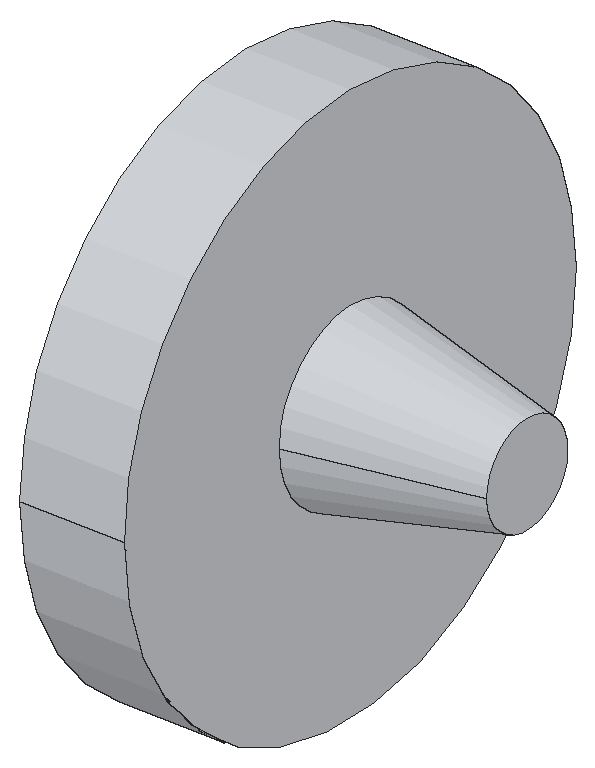
Revit family "M_Flange - Pescoço de solda - Aço - Classe 1500", category Conexões de tubo, Revit 2019
Family settings
  Cota do conector redondo = Usar raio
  Tipo de parte = Flange
  Número OmniClass = 23.60.30.11.14
  Título OmniClass = Pipework Fittings
  ID de item do Seek = Flange - Weld Neck - Steel - Class 1500-0000-CAN-ENU
  Com base no plano de trabalho = Não
  Sempre na vertical = Sim
  Corte com vazios quando carregada = Não
  Compartilhado = Não
Parameters (values of type "Padrão")
  Tamanho da marca de revisão [instance] = Diâmetro externo da flange * 0.4  # 48 mm
  Espessura da face elevada [instance] = 6.35 mm  # constant formula
  Raio da face elevada [instance] = Diâmetro da face elevada / 2  # 17.45 mm
  Diâmetro da face elevada [instance] = size_lookup(Nome da tabela de pesquisa, "RFD", 1.11 * Diâmetro nominal + 34.727 mm, Diâmetro nominal)  # 34.9 mm
  Raio nominal [instance] = 7.5 mm
  Diâmetro nominal [instance] = Raio nominal * 2  # 15 mm
  Método de perda = Não definido
  Nome da tabela de pesquisa = "M_Flange - Weld Neck - Steel - Class 1500"
  Comprimento pelo hub [instance] = size_lookup(Nome da tabela de pesquisa, "LTH", 0.6 * Diâmetro nominal + 69.155 mm, Diâmetro nominal)  # 60 mm
  Raio do hub [instance] = Diâmetro do hub / 2  # 19 mm
  Diâmetro do hub [instance] = size_lookup(Nome da tabela de pesquisa, "HDia", 1.26 * Diâmetro nominal + 33.933 mm, Diâmetro nominal)  # 38 mm
  Raio inicial do hub [instance] = Diâmetro inicial do hub / 2  # 10.65 mm
  Diâmetro inicial do hub [instance] = size_lookup(Nome da tabela de pesquisa, "HBD", 1 * Diâmetro nominal + 11.509 mm, Diâmetro nominal)  # 21.3 mm
  Espessura do flange [instance] = size_lookup(Nome da tabela de pesquisa, "FThk", 0.31 * Diâmetro nominal + 23.713 mm, Diâmetro nominal)  # 22.3 mm
  Raio externo da flange [instance] = Diâmetro externo da flange / 2  # 60 mm
  Diâmetro externo da flange [instance] = size_lookup(Nome da tabela de pesquisa, "FOD", 1.77 * Diâmetro nominal + 119.856 mm, Diâmetro nominal)  # 120 mm
Reference planes
  plane 1 "Centro (Frente/Trás)": y = 0
  plane 2: z = 0
  plane 3 "Centro (Esquerda/Direita)": x = 0
  plane 4: x = 6.35
  plane 5: x = 28.65
  plane 6: x = 66.35
  plane 7: y = 48
  plane 8: y = -48
Forms (mm)
  Sweep 1, solid, detail levels fine
    path in 3D
      loop
        line (0, 0, 0) -> (6.35, 0, 0)
    profile origin (3.175, 0, 0) x (0, 1, 0) y (0, 0, 1)
      loop
        circle (0, 0) r 17.45
  Sweep 2, solid, detail levels fine
    path in 3D
      loop
        line (6.35, 0, 0) -> (28.65, 0, 0)
    profile origin (17.5, 0, 0) x (0, 1, 0) y (0, 0, 1)
      loop
        circle (0, 0) r 60
  SweptBlend 3, solid, detail levels fine
    path in 3D
      loop
        line (28.65, 0, 0) -> (66.35, 0, 0)
    profile origin (28.65, 0, 0) x (0, 1, 0) y (0, 0, 1)
      loop
        circle (0, 0) r 19
    end profile origin (66.35, 0, 0) x (0, 1, 0) y (0, 0, 1)
      loop
        circle (0, 0) r 10.65
Cuts and joins
  joined: Sweep 1, Sweep 2, SweptBlend 3
Lines and regions (mm)
  model lines, detail levels coarse+medium
    curve 1: line (0, 0, 0) -> (6.35, 0, 0)
    curve 2: line (6.35, 0, 0) -> (28.65, 0, 0)
    curve 3: line (28.65, 0, 0) -> (66.35, 0, 0)
    curve 6: line (28.65, 48, 0) -> (28.65, -48, 0)
  sketch lines
    curve 4: line (0, 0, 0) -> (6.35, 0, 0)
    curve 5: line (6.35, 0, 0) -> (28.65, 0, 0)
    curve 7: line (28.65, 0, 0) -> (66.35, 0, 0)
Dimensions and locks
  "Espessura da face elevada": plane 3 "Centro (Esquerda/Direita)" to plane 4
  "Espessura do flange": plane 4 to plane 5
  "Comprimento pelo hub": plane 4 to plane 6
  equal spacing: plane 7, plane 1 "Centro (Frente/Trás)", plane 8
  "Tamanho da marca de revisão": plane 7 to plane 1 "Centro (Frente/Trás)"
  "Raio da face elevada": radius of Sweep 1 sketch curve
  "Raio externo da flange": radius of Sweep 2 sketch curve
  "Raio do hub": radius of SweptBlend 3 sketch curve
  "Raio inicial do hub": radius of SweptBlend 3 sketch curve
  aligned and locked: plane 3 "Centro (Esquerda/Direita)" to curve 1
  aligned and locked: plane 4 to curve 1
  aligned and locked: plane 1 "Centro (Frente/Trás)" to curve 1
  aligned and locked: plane 1 "Centro (Frente/Trás)" to curve 2
  aligned and locked: plane 5 to curve 3
  aligned and locked: plane 6 to curve 3
  aligned and locked: plane 1 "Centro (Frente/Trás)" to curve 3
  aligned and locked: plane 7 to curve 6
  aligned and locked: plane 8 to curve 6
  aligned and locked: curve 6 to plane 5
  aligned and locked: plane 1 "Centro (Frente/Trás)" to SweptBlend 3 sketch curve  (x2)
  aligned and locked: plane 2 to SweptBlend 3 sketch curve  (x2)
Automatic sketch dimensions
  Sweep 1 sketch curve to profile plane = 0 mm  (x2)
  Sweep 2 sketch curve to profile plane = 0 mm  (x2)
Connectors
  piping at (0, 0, 0), diameter 15, driven by "Raio nominal"
    settings: on cut or joined group of Sweep 1, Sweep 2, SweptBlend 3, index 1, connector inside diameter 15 mm, connector length 0 mm, flow factor 0, pipe flow 0.0 L/s, pressure drop 0.0 Pa, fitting loss kfactor 0, connector angle 0.00°, fixture units 0, engagement length 0 mm, angle of deflection 0.00°, flow configuration 0, flow direction 0, fitting loss method 0, system type 28, joint type 0, gender type 0, connector reference index 2, connector utility 0, adjustable connector no, is connector primary yes, connector description ""
  piping at (66.35, 0, 0), diameter 15, driven by "Raio nominal"
    settings: on cut or joined group of Sweep 1, Sweep 2, SweptBlend 3, index 2, connector inside diameter 15 mm, connector length 0 mm, flow factor 0, pipe flow 0.0 L/s, pressure drop 0.0 Pa, fitting loss kfactor 0, connector angle 0.00°, fixture units 0, engagement length 0 mm, angle of deflection 0.00°, flow configuration 0, flow direction 0, fitting loss method 0, system type 28, joint type 0, gender type 0, connector reference index 1, connector utility 0, adjustable connector no, is connector primary no, connector description ""
